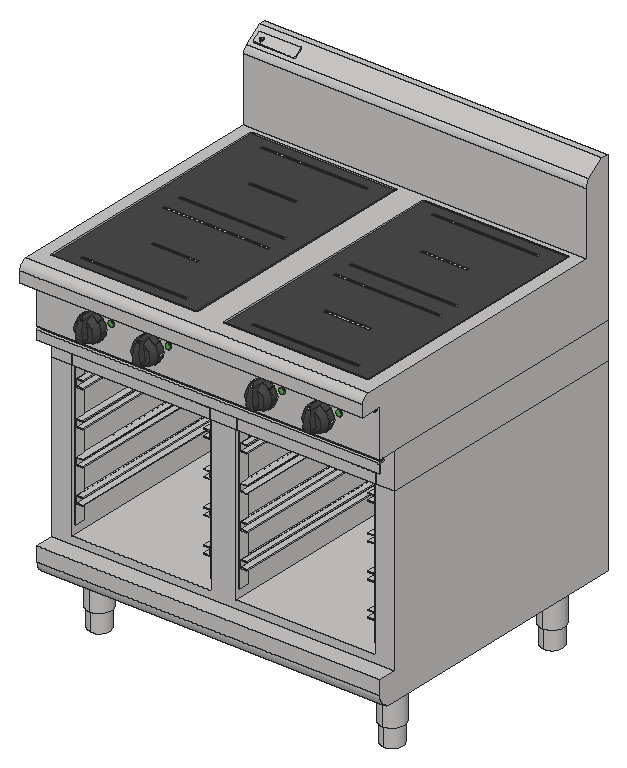
Revit family "QF_Moffat_IN8400R3-CB_Induction Cooktop_cat", category Specialty Equipment, Revit 2019 (continued)
Definition of nested family "QF_LOGO_Waldorf"
  Forms (mm)
    Extrusion 1, solid
      sketch origin (0, 0, 0) x (1, 0, 0) y (0, 0.809017, 0.587785)
        loop
          spline (109, 23.247) -> (108.966, 23.699) -> (108.864, 24.143) -> (108.696, 24.572) -> (108.464, 24.979) -> (108.173, 25.355) -> (107.828, 25.696) -> (107.435, 25.995) -> (107, 26.247) -> (106.531, 26.447) -> (106.035, 26.593) -> (105.522, 26.681) -> (105, 26.711)
          line (105, 26.711) -> (4, 26.711)
          spline (4, 26.711) -> (3.478, 26.681) -> (2.965, 26.593) -> (2.469, 26.447) -> (2, 26.247) -> (1.565, 25.995) -> (1.172, 25.696) -> (0.827, 25.355) -> (0.536, 24.979) -> (0.304, 24.572) -> (0.136, 24.143) -> (0.034, 23.699) -> (0, 23.247)
          line (0, 23.247) -> (0, 3.464)
          spline (0, 3.464) -> (0.034, 3.012) -> (0.136, 2.568) -> (0.304, 2.138) -> (0.536, 1.732) -> (0.827, 1.355) -> (1.172, 1.015) -> (1.565, 0.716) -> (2, 0.464) -> (2.469, 0.264) -> (2.965, 0.118) -> (3.478, 0.03) -> (4, 0)
          line (4, 0) -> (105, 0)
          spline (105, 0) -> (105.522, 0.03) -> (106.035, 0.118) -> (106.531, 0.264) -> (107, 0.464) -> (107.435, 0.716) -> (107.828, 1.015) -> (108.173, 1.355) -> (108.464, 1.732) -> (108.696, 2.138) -> (108.864, 2.568) -> (108.966, 3.012) -> (109, 3.464)
        loop
          line (14.75, 7.005) -> (14.75, 15.654)
          arc (14.75, 15.654) -> (10.425, 11.329) -> (14.75, 7.005) r 4.325
        loop
          line (15.25, 15.654) -> (15.25, 7.005)
          arc (15.25, 7.005) -> (19.575, 11.329) -> (15.25, 15.654) r 4.325
      from 0 to 3.2
    Extrusion 2, solid
      sketch origin (0, 0, 0) x (1, 0, 0) y (0, 0.809017, 0.587785)
        loop
          line (15.25, 15.654) -> (15.25, 7.005)
          arc (15.25, 7.005) -> (19.575, 11.329) -> (15.25, 15.654) r 4.325
      from 0 to 3.2
    Extrusion 3, solid
      sketch origin (16.271, 0, 0) x (-1, 0, 0) y (0, -0.809017, -0.587785)
        loop
          arc (1.521, -15.654) -> (5.846, -11.329) -> (1.521, -7.005) r 4.325
          line (1.521, -7.005) -> (1.521, -15.654)
      from 0 to 3.2
  Lines and regions (mm)
    Split face 1
      outline origin (0, -1.881, 2.589) x (1, 0, 0) y (0, 0.809017, 0.587785)
        loop
          spline (22.129, 16.975) -> (22.389, 15.984) -> (22.649, 15.002) -> (22.91, 14.028) -> (23.172, 13.065) -> (23.433, 12.11) -> (23.695, 11.166) -> (23.956, 10.232) -> (24.218, 9.308) -> (24.479, 8.396) -> (24.74, 7.495) -> (25, 6.605) -> (25.26, 5.728)
          line (25.26, 5.728) -> (29.463, 5.728)
          spline (29.463, 5.728) -> (29.582, 6.252) -> (29.701, 6.78) -> (29.82, 7.313) -> (29.939, 7.85) -> (30.058, 8.391) -> (30.178, 8.936) -> (30.297, 9.485) -> (30.416, 10.038) -> (30.536, 10.594) -> (30.655, 11.155) -> (30.775, 11.719) -> (30.894, 12.287)
          spline (30.894, 12.287) -> (31.018, 11.719) -> (31.142, 11.155) -> (31.266, 10.594) -> (31.39, 10.038) -> (31.514, 9.485) -> (31.638, 8.936) -> (31.762, 8.391) -> (31.885, 7.85) -> (32.009, 7.313) -> (32.133, 6.78) -> (32.256, 6.252) -> (32.379, 5.728)
          line (32.379, 5.728) -> (36.51, 5.728)
          spline (36.51, 5.728) -> (36.766, 6.605) -> (37.023, 7.495) -> (37.28, 8.396) -> (37.538, 9.308) -> (37.795, 10.232) -> (38.053, 11.166) -> (38.311, 12.11) -> (38.569, 13.065) -> (38.826, 14.028) -> (39.083, 15.002) -> (39.34, 15.984) -> (39.597, 16.975)
          line (39.597, 16.975) -> (35.637, 16.975)
          spline (35.637, 16.975) -> (35.523, 16.334) -> (35.41, 15.697) -> (35.296, 15.063) -> (35.182, 14.433) -> (35.068, 13.807) -> (34.954, 13.185) -> (34.84, 12.566) -> (34.726, 11.952) -> (34.612, 11.342) -> (34.497, 10.737) -> (34.383, 10.135) -> (34.269, 9.538)
          spline (34.269, 9.538) -> (34.138, 10.135) -> (34.008, 10.737) -> (33.877, 11.342) -> (33.746, 11.952) -> (33.616, 12.566) -> (33.485, 13.185) -> (33.354, 13.807) -> (33.224, 14.433) -> (33.093, 15.063) -> (32.963, 15.697) -> (32.833, 16.334) -> (32.703, 16.975)
          line (32.703, 16.975) -> (29.247, 16.975)
          spline (29.247, 16.975) -> (29.111, 16.334) -> (28.974, 15.697) -> (28.837, 15.063) -> (28.7, 14.433) -> (28.562, 13.807) -> (28.425, 13.185) -> (28.288, 12.566) -> (28.15, 11.952) -> (28.013, 11.342) -> (27.875, 10.737) -> (27.738, 10.135) -> (27.6, 9.538)
          spline (27.6, 9.538) -> (27.483, 10.135) -> (27.366, 10.737) -> (27.249, 11.342) -> (27.132, 11.952) -> (27.015, 12.566) -> (26.897, 13.185) -> (26.78, 13.807) -> (26.663, 14.433) -> (26.546, 15.063) -> (26.43, 15.697) -> (26.313, 16.334) -> (26.196, 16.975)
          line (26.196, 16.975) -> (22.129, 16.975)
    Split face 2
      outline origin (0, -1.881, 2.589) x (1, 0, 0) y (0, 0.809017, 0.587785)
        loop
          line (51.449, 5.728) -> (51.035, 6.606) -> (51.035, 11.169)
          spline (51.035, 11.169) -> (50.686, 12.42) -> (50.176, 13.224) -> (49.51, 13.708) -> (48.693, 13.995) -> (47.747, 14.152) -> (46.698, 14.207) -> (45.579, 14.186) -> (44.419, 14.114) -> (43.279, 13.929) -> (42.249, 13.481) -> (41.424, 12.614) -> (40.897, 11.169)
          line (40.897, 11.169) -> (44.617, 11.169) -> (44.988, 11.965)
          spline (44.988, 11.965) -> (47.294, 11.682) -> (46.856, 10.932) -> (45.527, 10.609) -> (43.858, 10.439) -> (42.259, 10.123) -> (41.078, 9.417) -> (40.563, 8.246) -> (40.689, 6.989) -> (41.407, 6.052) -> (42.774, 5.536) -> (44.847, 5.497) -> (47.306, 6.602)
          line (47.306, 6.602) -> (47.624, 5.728) -> (51.449, 5.728)
    Split face 3
      outline origin (0, -1.881, 2.589) x (1, 0, 0) y (0, 0.809017, 0.587785)
        loop
          line (47.264, 9.264) -> (44.938, 8.597)
          spline (44.938, 8.597) -> (44.508, 8.228) -> (44.402, 7.9) -> (44.548, 7.626) -> (44.877, 7.42) -> (45.317, 7.295) -> (45.797, 7.265) -> (46.252, 7.342) -> (46.65, 7.525) -> (46.971, 7.813) -> (47.194, 8.201) -> (47.298, 8.685) -> (47.264, 9.264)
    Split face 4
      outline origin (0, -1.881, 2.589) x (1, 0, 0) y (0, 0.809017, 0.587785)
        loop
          line (53.33, 16.975) -> (53.33, 5.728) -> (57.173, 5.728) -> (57.173, 16.975) -> (53.33, 16.975)
    Split face 5
      outline origin (0, -1.881, 2.589) x (1, 0, 0) y (0, 0.809017, 0.587785)
        loop
          line (65.795, 16.975) -> (65.795, 12.976)
          spline (65.795, 12.976) -> (63.839, 14.082) -> (62.087, 14.096) -> (60.633, 13.343) -> (59.574, 12.148) -> (58.99, 10.806) -> (58.867, 9.452) -> (59.156, 8.159) -> (59.81, 7) -> (60.786, 6.056) -> (62.111, 5.514) -> (63.868, 5.634) -> (66.137, 6.679)
          line (66.137, 6.679) -> (66.137, 5.728) -> (69.511, 5.728) -> (69.511, 16.975) -> (65.795, 16.975)
    Split face 6
      outline origin (0, -1.881, 2.589) x (1, 0, 0) y (0, 0.809017, 0.587785)
        loop
          spline (64.273, 7.499) -> (64.754, 7.57) -> (65.202, 7.777) -> (65.587, 8.106) -> (65.882, 8.535) -> (66.067, 9.034) -> (66.131, 9.57) -> (66.067, 10.106) -> (65.882, 10.605) -> (65.587, 11.034) -> (65.202, 11.363) -> (64.754, 11.57) -> (64.273, 11.64)
          spline (64.273, 11.64) -> (63.793, 11.57) -> (63.345, 11.363) -> (62.96, 11.034) -> (62.665, 10.605) -> (62.479, 10.106) -> (62.416, 9.57) -> (62.479, 9.034) -> (62.665, 8.535) -> (62.96, 8.106) -> (63.345, 7.777) -> (63.793, 7.57) -> (64.273, 7.499)
    Split face 7
      outline origin (0, -1.881, 2.589) x (1, 0, 0) y (0, 0.809017, 0.587785)
        loop
          spline (76.449, 5.305) -> (77.855, 5.457) -> (79.166, 5.901) -> (80.291, 6.607) -> (81.155, 7.527) -> (81.698, 8.599) -> (81.883, 9.749) -> (81.698, 10.899) -> (81.155, 11.97) -> (80.291, 12.891) -> (79.166, 13.597) -> (77.855, 14.041) -> (76.449, 14.192)
          spline (76.449, 14.192) -> (75.042, 14.041) -> (73.731, 13.597) -> (72.606, 12.891) -> (71.742, 11.97) -> (71.199, 10.899) -> (71.014, 9.749) -> (71.199, 8.599) -> (71.742, 7.527) -> (72.606, 6.607) -> (73.731, 5.901) -> (75.042, 5.457) -> (76.449, 5.305)
    Split face 8
      outline origin (0, -1.881, 2.589) x (1, 0, 0) y (0, 0.809017, 0.587785)
        loop
          spline (76.449, 7.654) -> (76.841, 7.725) -> (77.206, 7.934) -> (77.52, 8.267) -> (77.76, 8.701) -> (77.912, 9.206) -> (77.963, 9.749) -> (77.912, 10.291) -> (77.76, 10.796) -> (77.52, 11.23) -> (77.206, 11.563) -> (76.841, 11.772) -> (76.449, 11.843)
          spline (76.449, 11.843) -> (76.057, 11.772) -> (75.691, 11.563) -> (75.378, 11.23) -> (75.137, 10.796) -> (74.986, 10.291) -> (74.934, 9.749) -> (74.986, 9.206) -> (75.137, 8.701) -> (75.378, 8.267) -> (75.691, 7.934) -> (76.057, 7.725) -> (76.449, 7.654)
    Split face 9
      outline origin (0, -1.881, 2.589) x (1, 0, 0) y (0, 0.809017, 0.587785)
        loop
          line (86.998, 12.335) -> (86.998, 13.879) -> (83.479, 13.879) -> (83.479, 5.728) -> (87.312, 5.728) -> (87.312, 8.975)
          spline (87.312, 8.975) -> (87.364, 9.356) -> (87.458, 9.686) -> (87.594, 9.968) -> (87.769, 10.204) -> (87.982, 10.398) -> (88.229, 10.55) -> (88.509, 10.666) -> (88.82, 10.746) -> (89.16, 10.794) -> (89.525, 10.812) -> (89.915, 10.803) -> (90.327, 10.77)
          line (90.327, 10.77) -> (90.327, 14.113)
          spline (90.327, 14.113) -> (89.929, 14.127) -> (89.552, 14.111) -> (89.197, 14.066) -> (88.865, 13.991) -> (88.554, 13.887) -> (88.266, 13.754) -> (87.999, 13.591) -> (87.755, 13.399) -> (87.532, 13.177) -> (87.332, 12.926) -> (87.154, 12.645) -> (86.998, 12.335)
    Split face 10
      outline origin (0, -1.881, 2.589) x (1, 0, 0) y (0, 0.809017, 0.587785)
        loop
          line (92.082, 13.879) -> (90.894, 13.879) -> (90.894, 11.972) -> (92.082, 11.972) -> (92.082, 5.728) -> (95.871, 5.728) -> (95.871, 11.972) -> (97.5, 11.972) -> (97.5, 13.879) -> (95.871, 13.879)
          spline (95.871, 13.879) -> (95.843, 14.088) -> (95.845, 14.278) -> (95.877, 14.447) -> (95.939, 14.596) -> (96.03, 14.726) -> (96.151, 14.835) -> (96.301, 14.925) -> (96.482, 14.995) -> (96.692, 15.045) -> (96.931, 15.075) -> (97.201, 15.085) -> (97.5, 15.076)
          line (97.5, 15.076) -> (97.5, 17.266) -> (95.367, 17.266)
          spline (95.367, 17.266) -> (94.982, 17.253) -> (94.58, 17.21) -> (94.174, 17.132) -> (93.774, 17.013) -> (93.39, 16.846) -> (93.034, 16.627) -> (92.717, 16.349) -> (92.448, 16.007) -> (92.24, 15.595) -> (92.102, 15.106) -> (92.046, 14.537) -> (92.082, 13.879)
  Dimensions and locks
    equal spacing: plane 3 "LEFT", plane 7 "Center Y", plane 4 "RIGHT"
    "Length": plane 3 "LEFT" to plane 4 "RIGHT"
    equal spacing: plane 5 "FRONT", plane 8 "Center X", plane 1 "BACK"
    "Depth": plane 5 "FRONT" to plane 1 "BACK"
    "Height": plane 6 "TOP" to level
    plane 4 "RIGHT" to plane 3 "LEFT" = 138 mm
    aligned and locked: level to plane 2
  Automatic sketch dimensions
    Extrusion 1 sketch curve to plane 3 "LEFT" = 0 mm
    plane 3 "LEFT" to Extrusion 1 sketch curve = 4 mm  (x2)
    Extrusion 1 sketch curve to Extrusion 1 sketch curve = 10.75 mm
    Extrusion 1 sketch curve to Extrusion 1 sketch curve = 0.5 mm
    plane 4 "RIGHT" to Extrusion 1 sketch curve = 33 mm
    Extrusion 1 sketch curve to Extrusion 1 sketch curve = 0 mm  (x3)
    Extrusion 1 sketch curve to Extrusion 1 sketch curve = 4 mm
    Extrusion 1 sketch curve to Extrusion 1 sketch curve = 3.464 mm  (x3)
    Extrusion 1 sketch curve to Extrusion 1 sketch curve = 3.541 mm
    Extrusion 1 sketch curve to Extrusion 1 sketch curve = 4.325 mm
    Extrusion 1 sketch curve to Extrusion 1 sketch curve = 19.783 mm
    Extrusion 1 sketch curve to Extrusion 1 sketch curve = 7.592 mm
    plane 3 "LEFT" to Extrusion 2 sketch curve = 15.25 mm
    Extrusion 2 sketch curve to Extrusion 2 sketch curve = 4.325 mm
    plane 3 "LEFT" to Extrusion 3 sketch curve = 14.75 mm
    Extrusion 3 sketch curve to Extrusion 3 sketch curve = 4.325 mm
    Extrusion 1 to Split face 1 sketch curve = 6.879 mm
    Split face 1 sketch curve to Extrusion 1 = 5.728 mm
    Split face 1 sketch curve to Split face 1 sketch curve = 3.132 mm
    Split face 1 sketch curve to Split face 1 sketch curve = 4.068 mm
    Split face 1 sketch curve to Split face 1 sketch curve = 3.051 mm
    Split face 1 sketch curve to Split face 1 sketch curve = 4.203 mm
    Split face 1 sketch curve to Split face 1 sketch curve = 2.916 mm
    Split face 1 sketch curve to Split face 1 sketch curve = 3.456 mm
    Split face 1 sketch curve to Split face 1 sketch curve = 2.934 mm
    Split face 1 sketch curve to Split face 1 sketch curve = 4.131 mm
    Split face 1 sketch curve to Split face 1 sketch curve = 3.96 mm
    Split face 1 sketch curve to Split face 1 sketch curve = 0 mm  (x2)
    Split face 1 sketch curve to Extrusion 1 = 9.736 mm  (x2)
    Extrusion 1 to Split face 1 sketch curve = 6.337 mm
    Extrusion 1 to Split face 1 sketch curve = 6.231 mm
    Extrusion 1 to Split face 1 sketch curve = 3.184 mm
    Extrusion 1 to Split face 1 sketch curve = 13.135 mm
    Split face 1 sketch curve to Split face 1 sketch curve = 4.652 mm
    Split face 1 sketch curve to Split face 1 sketch curve = 3.593 mm
    Split face 1 sketch curve to Split face 1 sketch curve = 1.863 mm
    Split face 1 sketch curve to Split face 1 sketch curve = 0.713 mm
    Split face 1 sketch curve to Split face 1 sketch curve = 2.684 mm
    Split face 1 sketch curve to Split face 1 sketch curve = 3.294 mm
    Split face 1 sketch curve to Split face 1 sketch curve = 0.459 mm
    Split face 1 sketch curve to Split face 1 sketch curve = 2.775 mm
    Split face 1 sketch curve to Split face 1 sketch curve = 1.89 mm
    Split face 1 sketch curve to Split face 1 sketch curve = 0.685 mm
    Split face 1 sketch curve to Split face 1 sketch curve = 9.486 mm
    Split face 1 sketch curve to Split face 1 sketch curve = 16.213 mm
    Split face 1 sketch curve to Split face 1 sketch curve = 3.48 mm
    Split face 1 sketch curve to Split face 1 sketch curve = 4.918 mm
    Split face 1 sketch curve to Split face 1 sketch curve = 7.609 mm
    Split face 1 sketch curve to Split face 1 sketch curve = 0.01 mm  (x2)
    Split face 1 sketch curve to Split face 1 sketch curve = 0.002 mm
    Split face 2 sketch curve to Extrusion 1 = 11.169 mm
    Extrusion 1 to Split face 2 sketch curve = 25.647 mm
    Split face 2 sketch curve to Split face 2 sketch curve = 3.72 mm
    Split face 2 sketch curve to Extrusion 1 = 11.965 mm
    Split face 2 sketch curve to Split face 2 sketch curve = 0.371 mm
    Split face 2 sketch curve to Extrusion 1 = 6.602 mm
    Split face 2 sketch curve to Split face 2 sketch curve = 2.689 mm
    Split face 2 sketch curve to Split face 2 sketch curve = 0.318 mm
    Split face 2 sketch curve to Split face 2 sketch curve = 3.729 mm
    Split face 2 sketch curve to Split face 2 sketch curve = 0.414 mm
    Split face 2 sketch curve to Split face 2 sketch curve = 0.875 mm
    Split face 2 sketch curve to Split face 2 sketch curve = 0.878 mm
    Split face 3 sketch curve to Extrusion 1 = 8.597 mm
    Extrusion 1 to Split face 3 sketch curve = 29.688 mm
    Split face 3 sketch curve to Extrusion 1 = 9.264 mm
    Split face 3 sketch curve to Split face 3 sketch curve = 2.326 mm
    Split face 4 sketch curve to Extrusion 1 = 5.728 mm
    Extrusion 1 to Split face 4 sketch curve = 38.08 mm
    Split face 4 sketch curve to Split face 4 sketch curve = 3.843 mm
    Split face 4 sketch curve to Extrusion 1 = 9.736 mm
    Split face 5 sketch curve to Extrusion 1 = 9.736 mm
    Split face 5 sketch curve to Extrusion 1 = 43.205 mm
    Split face 5 sketch curve to Extrusion 1 = 6.679 mm
    Split face 5 sketch curve to Split face 5 sketch curve = 0.342 mm
    Split face 5 sketch curve to Split face 5 sketch curve = 3.375 mm
    Split face 5 sketch curve to Split face 5 sketch curve = 0.952 mm
    Split face 5 sketch curve to Split face 5 sketch curve = 3.998 mm
    Split face 6 sketch curve to Extrusion 1 = 7.499 mm
    Split face 6 sketch curve to Extrusion 1 = 44.727 mm
    Split face 6 sketch curve to Split face 6 sketch curve = 2.07 mm
    Split face 7 sketch curve to Extrusion 1 = 5.305 mm
    Split face 7 sketch curve to Extrusion 1 = 32.551 mm
    Split face 7 sketch curve to Split face 7 sketch curve = 4.443 mm
    Split face 8 sketch curve to Extrusion 1 = 7.654 mm
    Split face 8 sketch curve to Extrusion 1 = 32.551 mm
    Split face 8 sketch curve to Split face 8 sketch curve = 2.095 mm
    Split face 9 sketch curve to Extrusion 1 = 5.728 mm
    Split face 9 sketch curve to Extrusion 1 = 25.521 mm
    Split face 9 sketch curve to Split face 9 sketch curve = 3.519 mm
    Split face 9 sketch curve to Split face 9 sketch curve = 0.315 mm
    Split face 9 sketch curve to Split face 9 sketch curve = 3.33 mm
    Split face 9 sketch curve to Split face 9 sketch curve = 3.248 mm
    Split face 9 sketch curve to Split face 9 sketch curve = 1.795 mm
    Split face 9 sketch curve to Split face 9 sketch curve = 3.36 mm
    Split face 9 sketch curve to Split face 9 sketch curve = 1.545 mm
    Split face 9 sketch curve to Split face 9 sketch curve = 0.233 mm
    Split face 10 sketch curve to Extrusion 1 = 18.106 mm
    Split face 10 sketch curve to Split face 10 sketch curve = 1.188 mm  (x2)
    Split face 10 sketch curve to Split face 10 sketch curve = 3.285 mm
    Split face 10 sketch curve to Split face 10 sketch curve = 3.789 mm
    Split face 10 sketch curve to Split face 10 sketch curve = 0 mm  (x2)
    Split face 10 sketch curve to Split face 10 sketch curve = 1.629 mm
    Split face 10 sketch curve to Split face 10 sketch curve = 2.133 mm
    Split face 10 sketch curve to Extrusion 1 = 5.728 mm
    Split face 10 sketch curve to Split face 10 sketch curve = 6.245 mm
    Split face 10 sketch curve to Split face 10 sketch curve = 1.907 mm  (x2)
    Split face 10 sketch curve to Split face 10 sketch curve = 1.197 mm
    Split face 10 sketch curve to Split face 10 sketch curve = 2.19 mm
Definition of nested family "Knob"
  Parameters (values of type "Knob")
    Weight in Pounds = 0
    URL Cutsheet = ""
    Specification by User = ""
    Specification by Manufacturer = ""
    Serial Number = ""
    Seismic Rating = ""
    SMACNA No = ""
    Revision Code = ""
    NAFEM Spec ID Number = ""
    Masterspec = ""
    Length = 65 mm
    Item Number = ""
    Installed By = ""
    Identify Quantity as Lot = yes
    Height = 69.5 mm
    Furnished By = ""
    Foodservice Equipment Identifier = yes
    Depth = 59 mm
    CSI MasterFormat = ""
  Reference planes
    plane 1 "BACK": y = 0
    plane 2: z = 0
    plane 3 "LEFT": x = 0
    plane 4 "RIGHT": x = 65
    plane 5 "FRONT": y = -59
    plane 6 "TOP": z = 69.5
    plane 7 "Center Y": x = 32.5
    plane 8 "Center X": y = -29.5
  Forms (mm)
    Revolve 1, solid
      sketch origin (32.5, 175.397, 1219.2) x (0, 1, 0) y (0, 0, 1)
        loop
          line (-175.397, -1186.7) -> (-219.397, -1186.7) -> (-219.397, -1211.501) -> (-202.106, -1219.2) -> (-185.397, -1219.2) -> (-185.397, -1191.7) -> (-175.397, -1191.7) -> (-175.397, -1186.7)
        axis (-219.397, -1186.7) -> (-175.397, -1186.7)
      angle from 0 to 360
    Extrusion 2, solid
      sketch origin (32.5, 175.397, 1219.2) x (0, 1, 0) y (0, 0, 1)
        loop
          line (-202.106, -1154.2) -> (-185.397, -1154.2) -> (-185.397, -1149.7) -> (-224.105, -1149.7)
          arc (-224.105, -1149.7) -> (-233.965, -1178.467) -> (-230.696, -1208.7) r 70
          line (-230.696, -1208.7) -> (-219.397, -1208.7) -> (-219.397, -1161.899) -> (-202.106, -1154.2)
      from -15 to 15
    Extrusion 3, void
      sketch origin (0, 0, 0) x (1, 0, 0) y (0, 0, 1)
        loop
          line (27.501, 64.613) -> (22.02, 20.585)
          arc (22.02, 20.585) -> (32.792, 10.488) -> (42.986, 21.169) r 10.487
          line (42.986, 21.169) -> (37.499, 64.613)
          arc (37.499, 64.613) -> (32.5, 69.5) -> (27.501, 64.613) r 5
        loop
          line (10, 72.977) -> (10, 5.625) -> (55, 5.625) -> (55, 72.977) -> (10, 72.977)
      from 6.142 to 69.687
    Extrusion 4, solid
      sketch origin (0, -34.115, -16.916) x (1, 0, 0) y (0, 0.45399, 0.891007)
        loop
          circle (32.497, 65) r 2
      from 51.525 to 53.075
    Extrusion 5, solid
      sketch origin (32.5, -10, 32.5) x (0, 0, -1) y (-1, 0, 0)
        loop
          line (-23.54, -22.408) -> (-24.106, -22.974)
          arc (-24.106, -22.974) -> (-23.547, -23.547) -> (-22.974, -24.106) r 33.3
          line (-22.974, -24.106) -> (-22.408, -23.54)
          arc (-22.408, -23.54) -> (-22.981, -22.981) -> (-23.54, -22.408) r 32.5
        loop
          arc (-0.8, -33.29) -> (0, -33.3) -> (0.8, -33.29) r 33.3
          line (0.8, -33.29) -> (0.8, -32.49)
          arc (0.8, -32.49) -> (0, -32.5) -> (-0.8, -32.49) r 32.5
          line (-0.8, -32.49) -> (-0.8, -33.29)
        loop
          arc (23.54, -22.408) -> (22.981, -22.981) -> (22.408, -23.54) r 32.5
          line (22.408, -23.54) -> (22.974, -24.106)
          arc (22.974, -24.106) -> (23.547, -23.547) -> (24.106, -22.974) r 33.3
          line (24.106, -22.974) -> (23.54, -22.408)
        loop
          arc (-23.54, 22.408) -> (-22.981, 22.981) -> (-22.408, 23.54) r 32.5
          line (-22.408, 23.54) -> (-22.974, 24.106)
          arc (-22.974, 24.106) -> (-23.547, 23.547) -> (-24.106, 22.974) r 33.3
          line (-24.106, 22.974) -> (-23.54, 22.408)
        loop
          line (-0.8, 33.29) -> (-0.8, 32.49)
          arc (-0.8, 32.49) -> (0, 32.5) -> (0.8, 32.49) r 32.5
          line (0.8, 32.49) -> (0.8, 33.29)
          arc (0.8, 33.29) -> (0, 33.3) -> (-0.8, 33.29) r 33.3
        loop
          line (32.49, -0.8) -> (33.29, -0.8)
          arc (33.29, -0.8) -> (33.3, 0) -> (33.29, 0.8) r 33.3
          line (33.29, 0.8) -> (32.49, 0.8)
          arc (32.49, 0.8) -> (32.5, 0) -> (32.49, -0.8) r 32.5
        loop
          arc (24.106, 22.974) -> (23.547, 23.547) -> (22.974, 24.106) r 33.3
          line (22.974, 24.106) -> (22.408, 23.54)
          arc (22.408, 23.54) -> (22.981, 22.981) -> (23.54, 22.408) r 32.5
          line (23.54, 22.408) -> (24.106, 22.974)
      from 0 to -16.709
  Cuts and joins
    Extrusion 3 cuts Extrusion 2
  Dimensions and locks
    equal spacing: plane 3 "LEFT", plane 7 "Center Y", plane 4 "RIGHT"
    "Length": plane 3 "LEFT" to plane 4 "RIGHT"
    equal spacing: plane 5 "FRONT", plane 8 "Center X", plane 1 "BACK"
    "Depth": plane 5 "FRONT" to plane 1 "BACK"
    "Height": plane 6 "TOP" to level
    plane 4 "RIGHT" to plane 3 "LEFT" = 65 mm
    aligned and locked: level to plane 2
  Automatic sketch dimensions
    Revolve 1 sketch curve to level = 0 mm
    Revolve 1 sketch curve to plane 1 "BACK" = 0 mm  (x2)
    plane 1 "BACK" to Revolve 1 sketch curve = 10 mm
    plane 8 "Center X" to Revolve 1 sketch curve = 2.791 mm
    Revolve 1 sketch curve to plane 8 "Center X" = 14.5 mm
    level to Revolve 1 sketch curve = 7.699 mm
    level to Revolve 1 sketch curve = 27.5 mm
    Revolve 1 sketch curve to Revolve 1 sketch curve = 5 mm
    Revolve 1 sketch curve to Revolve 1 sketch curve = 35 mm
    Revolve 1 sketch curve to Revolve 1 sketch curve = 0 mm
    Extrusion 2 sketch curve to plane 6 "TOP" = 0 mm
    Extrusion 2 sketch curve to plane 5 "FRONT" = 3.702 mm
    Extrusion 2 sketch curve to plane 5 "FRONT" = 10.293 mm
    Extrusion 2 sketch curve to Extrusion 2 sketch curve = 11.298 mm
    plane 8 "Center X" to Extrusion 2 sketch curve = 2.791 mm
    plane 1 "BACK" to Extrusion 2 sketch curve = 10 mm
    Extrusion 2 sketch curve to plane 1 "BACK" = 11 mm
    Extrusion 2 sketch curve to plane 6 "TOP" = 4.5 mm
    Extrusion 2 sketch curve to plane 6 "TOP" = 12.199 mm
    level to Extrusion 2 sketch curve = 32.962 mm
    level to Extrusion 3 sketch curve = 5.625 mm
    Extrusion 3 sketch curve to plane 7 "Center Y" = 0 mm  (x2)
    Extrusion 3 sketch curve to plane 7 "Center Y" = 4.999 mm
    Extrusion 3 sketch curve to plane 7 "Center Y" = 10.48 mm
    plane 6 "TOP" to Extrusion 3 sketch curve = 3.477 mm
    plane 3 "LEFT" to Extrusion 3 sketch curve = 10 mm
    Extrusion 3 sketch curve to plane 6 "TOP" = 4.887 mm
    Extrusion 3 sketch curve to Extrusion 3 sketch curve = 4.999 mm
    plane 7 "Center Y" to Extrusion 3 sketch curve = 10.486 mm
    level to Extrusion 3 sketch curve = 20.585 mm
    Extrusion 3 sketch curve to Extrusion 3 sketch curve = 0.387 mm
    Extrusion 3 sketch curve to Extrusion 3 sketch curve = 0.113 mm
    plane 4 "RIGHT" to Extrusion 3 sketch curve = 10 mm
    Extrusion 5 sketch curve to Revolve 1 = 32.49 mm
    Revolve 1 to Extrusion 5 sketch curve = 32.49 mm
    Extrusion 5 sketch curve to Revolve 1 = 23.54 mm  (x2)
    Revolve 1 to Extrusion 5 sketch curve = 23.54 mm  (x2)
    Extrusion 5 sketch curve to Revolve 1 = 24.106 mm  (x2)
    Revolve 1 to Extrusion 5 sketch curve = 24.106 mm  (x2)
    Revolve 1 to Extrusion 5 sketch curve = 22.408 mm  (x2)
    Extrusion 5 sketch curve to Revolve 1 = 22.408 mm  (x2)
    Revolve 1 to Extrusion 5 sketch curve = 22.974 mm  (x2)
    Extrusion 5 sketch curve to Revolve 1 = 22.974 mm  (x2)
    Extrusion 5 sketch curve to Extrusion 5 sketch curve = 1.6 mm  (x2)
    Revolve 1 to Extrusion 5 sketch curve = 0.8 mm
    Extrusion 5 sketch curve to Revolve 1 = 0.8 mm
    Extrusion 4 sketch curve to plane 7 "Center Y" = 0.003 mm
    radius of Extrusion 5 sketch curve to Revolve 1 = 0 mm  (x7)
    radius of Revolve 1 to Extrusion 5 sketch curve = 0.8 mm  (x7)
    radius of Extrusion 4 sketch curve = 2 mm
Types (2, lengths in mm): name | Volts | Model | Cycle | Apparent Power
  INB8400R3-CB_415/60/3 | 415 V | "IN8400R3-CB" | 60 Hz | 14359 VA
  INB8400R3-CB_400/50/3 | 400 V | "INB8400R3-CB" | 50 Hz | 13840 VA
